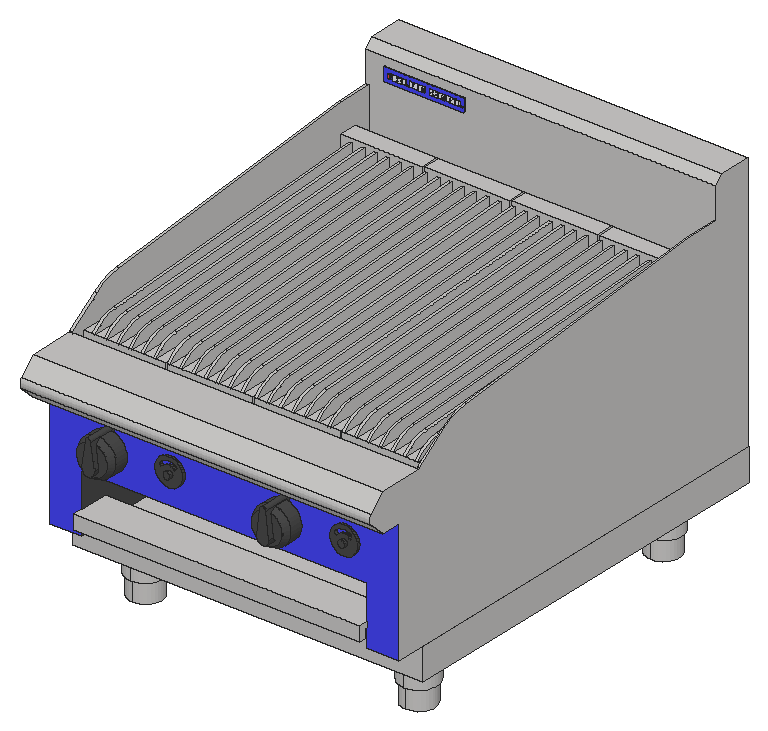
Revit family "QF_MOFFAT_BLUESEAL_AU_G594-B", category Specialty Equipment, Revit 2012 (continued)
Definition of nested family "WALDORF LOGO_FACE BASE"
  Forms (mm)
    Extrusion 3, solid, material "QF_Finishes_White", visible <- "Show Logo"
      sketch origin (0, -33.217, 1.588) x (1, 0, 0) y (0, 1, 0)
        loop
          arc (55.71, 17.163) -> (57.045, 17.716) -> (57.598, 19.051) r 1.887
          line (57.598, 19.051) -> (57.598, 25.919)
        loop
          line (31.62, 25.919) -> (31.62, 17.163) -> (43.046, 17.163) -> (43.046, 19.129) -> (37.388, 19.129) -> (37.388, 25.919) -> (31.62, 25.919)
        loop
          line (15.969, 25.919) -> (15.969, 17.163) -> (28.693, 17.163)
          arc (28.693, 17.163) -> (29.812, 17.627) -> (30.276, 18.746) r 1.582
          line (30.276, 18.746) -> (30.276, 20.447) -> (29.48, 21.243) -> (30.276, 22.039) -> (30.276, 24.332)
          arc (30.276, 24.332) -> (29.811, 25.454) -> (28.688, 25.919) r 1.587
          line (28.688, 25.919) -> (15.969, 25.919)
        loop
          line (21.449, 24.159) -> (21.449, 22.436) -> (23.862, 22.436)
          arc (23.862, 22.436) -> (24.723, 23.298) -> (23.862, 24.159) r 0.861
          line (23.862, 24.159) -> (21.449, 24.159)
        loop
          line (21.449, 20.244) -> (21.449, 18.522) -> (23.862, 18.522)
          arc (23.862, 18.522) -> (24.723, 19.383) -> (23.862, 20.244) r 0.861
          line (23.862, 20.244) -> (21.449, 20.244)
      from 0 to 0.2
    Extrusion 4, solid, material "QF_Finishes_Blue", visible <- "Show Logo"
      sketch origin (-126.498, -31.09, 1.588) x (1, 0, 0) y (0, 1, 0)
        loop
          line (136.738, 23.522) -> (136.738, 15.1)
          arc (136.738, 15.1) -> (140.756, 19.311) -> (136.738, 23.522) r 4.216
      from 0 to 0.2
    Extrusion 5, solid, material "QF_Finishes_Red", visible <- "Show Logo"
      sketch origin (146.849, -31.09, 1.588) x (-1, 0, 0) y (0, -1, 0)
        loop
          arc (136.738, -23.522) -> (140.756, -19.311) -> (136.738, -15.1) r 4.216
          line (136.738, -15.1) -> (136.738, -23.522)
      from 0 to 0.2
  Lines and regions (mm)
    Split face 1
      outline origin (-90.35, -30.793, 1.588) x (1, 0, 0) y (0, 1, 0)
        loop
          circle (100.54, 19.013) r 4.536
  Dimensions and locks
    aligned and locked: plane 2 to Extrusion 1
    aligned and locked: level to Extrusion 1
